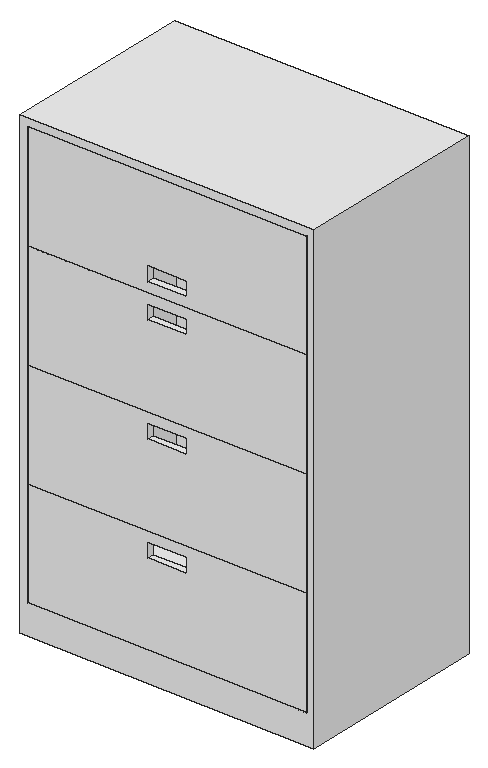
Revit family
Parameters (values of type "760 x 500 x 1200mm")
  Keynote = "N"
  Assembly Code = ""
  Depth = 500 mm
  Material = Metal - Steel
  Height = 1200 mm
  Width = 760 mm
Reference planes
  plane 1 "Center F/B": y = -934.318
  plane 2: z = 0
  plane 3 "Center L/R": x = -180.023
  plane 4: x = -560.023
  plane 5: x = 199.977
  plane 6: y = -1184.318
  plane 7: y = -684.318
  plane 8: x = 180.927
  plane 9: x = -540.973
  plane 10: y = -703.368
  plane 11: z = 76.2
  plane 12: z = 352.387
  plane 13: z = 628.575
  plane 14: z = 904.762
  plane 15: z = 1200
  plane 16: z = 1180.95
Forms (mm)
  Extrusion 1, solid, material "Metal - Steel" <- "Material"
    sketch origin (0, 0, 0) x (1, 0, 0) y (0, 1, 0)
      loop
        line (-560.023, -684.318) -> (-560.023, -1184.318) -> (199.977, -1184.318) -> (199.977, -684.318) -> (-560.023, -684.318)
    from 0 to 1200
  Extrusion 2, void
    sketch origin (-466.689, -1184.318, 1519.106) x (0, 0, -1) y (1, 0, 0)
      loop
        line (338.156, -74.284) -> (1442.906, -74.284) -> (1442.906, 647.616) -> (338.156, 647.616) -> (338.156, -74.284)
    from 0 to -480.95
  Extrusion 3, solid, material "Metal - Steel" <- "Material"
    sketch origin (-560.023, -1184.318, 1200) x (0, 0, -1) y (1, 0, 0)
      loop
        line (571.425, 19.05) -> (571.425, 740.95) -> (295.238, 740.95) -> (295.238, 19.05) -> (571.425, 19.05)
    from 0 to -19.05
  Extrusion 4, solid, material "Metal - Steel" <- "Material"
    sketch origin (-560.023, -1184.318, 1200) x (0, 0, -1) y (1, 0, 0)
      loop
        line (295.238, 19.05) -> (295.238, 740.95) -> (19.05, 740.95) -> (19.05, 19.05) -> (295.238, 19.05)
    from 0 to -19.05
  Extrusion 5, solid, material "Metal - Steel" <- "Material"
    sketch origin (-560.023, -1184.318, 1200) x (0, 0, -1) y (1, 0, 0)
      loop
        line (571.425, 19.05) -> (847.612, 19.05) -> (847.612, 740.95) -> (571.425, 740.95) -> (571.425, 19.05)
    from 0 to -19.05
  Extrusion 6, solid, material "Metal - Steel" <- "Material"
    sketch origin (-560.023, -1184.318, 1200) x (0, 0, -1) y (1, 0, 0)
      loop
        line (847.612, 19.05) -> (1123.8, 19.05) -> (1123.8, 740.95) -> (847.612, 740.95) -> (847.612, 19.05)
    from 0 to -19.05
  Extrusion 7, void
    sketch origin (-560.023, -1184.318, 1200) x (0, 0, -1) y (1, 0, 0)
      loop
        line (873.013, 329.2) -> (911.112, 329.2) -> (911.112, 430.8) -> (873.013, 430.8) -> (873.013, 329.2)
    from 0 to -19.05
  Extrusion 8, void
    sketch origin (-560.023, -1184.318, 1200) x (0, 0, -1) y (1, 0, 0)
      loop
        line (596.825, 329.2) -> (634.925, 329.2) -> (634.925, 430.8) -> (596.825, 430.8) -> (596.825, 329.2)
      loop
        line (320.638, 329.2) -> (358.738, 329.2) -> (358.738, 430.8) -> (320.638, 430.8) -> (320.638, 329.2)
      loop
        line (231.738, 329.2) -> (269.838, 329.2) -> (269.838, 430.8) -> (231.738, 430.8) -> (231.738, 329.2)
    from 0 to -19.05
Cuts and joins
  Extrusion 2, Extrusion 7, Extrusion 8 cuts Extrusion 1
  Extrusion 7, Extrusion 8 cuts Extrusion 3
  Extrusion 7, Extrusion 8 cuts Extrusion 4
  Extrusion 7, Extrusion 8 cuts Extrusion 5
  Extrusion 7, Extrusion 8 cuts Extrusion 6
Lines and regions (mm)
  Masking region 1
    outline origin (0, 0, 0) x (1, 0, 0) y (0, 1, 0)
      loop
        line (-560.023, -684.318) -> (-560.023, -1184.318) -> (199.977, -1184.318) -> (199.977, -684.318) -> (-560.023, -684.318)
  symbolic lines
    curve 1: line (199.977, -684.318, 0) -> (-560.023, -684.318, 0)
    curve 2: line (199.977, -1184.318, 0) -> (199.977, -684.318, 0)
    curve 3: line (-560.023, -1184.318, 0) -> (199.977, -1184.318, 0)
    curve 4: line (-560.023, -684.318, 0) -> (-560.023, -1184.318, 0)
Dimensions and locks
  equal spacing: plane 4, plane 3 "Center L/R", plane 5
  equal spacing: plane 6, plane 1 "Center F/B", plane 7
  "Depth": plane 6 to plane 7
  "Width": plane 4 to plane 5
  locked: plane 10 to plane 7 at 19.05
  "Height": plane 15 to plane 2
  locked: plane 11 to plane 2 at 76.2
  locked: plane 15 to plane 16 at 19.05
  plane 4 to plane 9 = 19.05 mm
  plane 8 to plane 5 = 19.05 mm
  equal spacing: plane 9, plane 3 "Center L/R", plane 8
  equal spacing: plane 16, plane 14, plane 13, plane 12, plane 11
  aligned and locked: Extrusion 2 to plane 10
  aligned and locked: plane 15 to Extrusion 1
  aligned and locked: Extrusion 1 to plane 2
  aligned and locked: plane 16 to Extrusion 2
  aligned and locked: Extrusion 2 sketch curve to plane 11
  aligned and locked: plane 16 to cut or joined group of Extrusion 4, Extrusion 7, Extrusion 8
  aligned and locked: curve 1 to cut or joined group of Extrusion 1, Extrusion 2, Extrusion 7, Extrusion 8
  aligned and locked: curve 2 to cut or joined group of Extrusion 1, Extrusion 2, Extrusion 7, Extrusion 8
  aligned and locked: curve 3 to cut or joined group of Extrusion 1, Extrusion 2, Extrusion 7, Extrusion 8
  aligned and locked: curve 4 to cut or joined group of Extrusion 1, Extrusion 2, Extrusion 7, Extrusion 8
  aligned: Masking region 1 sketch curve to cut or joined group of Extrusion 1, Extrusion 2, Extrusion 7, Extrusion 8  (x3)
  aligned: cut or joined group of Extrusion 1, Extrusion 2, Extrusion 7, Extrusion 8 to Masking region 1 sketch curve
Automatic sketch dimensions
  Extrusion 2 sketch curve to plane 8 = 0 mm
  Extrusion 2 sketch curve to plane 16 = 0 mm
  Extrusion 2 sketch curve to plane 9 = 0 mm
  Extrusion 3 sketch curve to plane 9 = 0 mm
  Extrusion 3 sketch curve to plane 8 = 0 mm
  Extrusion 4 sketch curve to plane 9 = 0 mm
  Extrusion 4 sketch curve to plane 8 = 0 mm
  Extrusion 5 sketch curve to plane 9 = 0 mm
  Extrusion 5 sketch curve to plane 8 = 0 mm
  Extrusion 8 sketch curve to plane 3 "Center L/R" = 50.8 mm  (x3)
  plane 3 "Center L/R" to Extrusion 8 sketch curve = 50.8 mm  (x3)
  plane 14 to Extrusion 8 sketch curve = 25.4 mm
  Extrusion 8 sketch curve to Extrusion 8 sketch curve = 38.1 mm
  Masking region 1 sketch curve to plane 4 = 0 mm
  Masking region 1 sketch curve to plane 5 = 0 mm
  Masking region 1 sketch curve to plane 6 = 0 mm
  Masking region 1 sketch curve to plane 7 = 0 mm
